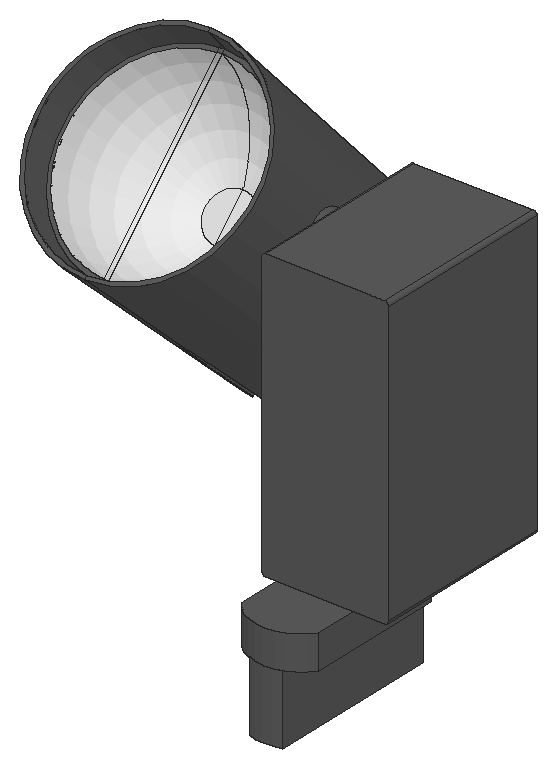
Revit family "0004886 Feilo Sylvania Lighting Fixture START TRACK SPOT S 24W 3K RA90 NB BLACK", category Lighting Fixtures, host Face, Revit 2017 (continued)
Definition of nested family "Start Track Spot Head"
  Types (96, lengths in mm): name | Wattage | built-in parameter 1150134 | Photometric Web File | Model | built-in parameter 1150105 | Lumens | built-in parameter 1150107 | built-in parameter 1150106 | HeadThickness_FEILO | HeadRibOffset_FEILO | HeadRibDepth_FEILO | HeadRibCutWidth_FEILO | HeadRibCutOffset_FEILO | HeadReflectorRadius_FEILO | HeadReflectorOffset_FEILO | HeadLEDRadius_FEILO | HeadHeight_FEILO | HeadDiffusorOffset_FEILO | HeadDiaOut_FEILO | HeadDiaIn_FEILO | HeadAxisFromTop_FEILO | Emit from Circle Diameter | built-in parameter 1150104 | Description | Apparent Load
    0004864 START TRACK SPOT S 24W 3K RA90 WB WHITE | 24 W | (empty or 0) | "0004864.ies" | "START TRACK SPOT S 24W 3K RA90 WB WHITE" | 152.79 (stored number, unit not read) | 1920 lm | 3000 (stored number, unit not read) | 1.5279 (stored number, unit not read) | 1.5 | 4.179 | 55.714 | 7.167 | 50.87 | 50.588 | 55.714 | 9.556 | 117 | 9.435 | 86 | 77.477 | 69.354 | 77.477 | 7.4322 (stored number, unit not read) | "Integrated LED spotlight, Textured White - RAL9016, compact and minimalist design, ideal for retail applications, die-cast aluminium body, passive cooling heatsink. Beam angle: 64°, color temperature: 3000K , total system power: 24W, total fixture output: 1928 lm, LOR: 100%, colour rendering: Ra: 90 typical, LED Chromaticity: 3 step MacAdam ellipse, lifetime: >50000 hours at L70B50, energy class: A++, A+, A, IR/UV free light source without heat radiation, operating voltage: 220-240V / 50-60Hz, drive current: 600mA, electronic driver, non-dimmable, power factor: 0.95, electrical protection: Class II, Global Track 3 Phase adapter suitable for Global trac 3-circuit tracks, ingress protection rating: IP20, suitable for internal environment only, horizontal rotation: 355°, vertical tilt: 90°, dimensions: Ø86x140x200, weight: 0.966kg." | 24 VA
    0004863 START TRACK SPOT S 24W 3K RA90 MB WHITE | 24 W | (empty or 0) | "0004863.ies" | "START TRACK SPOT S 24W 3K RA90 MB WHITE" | 154.7 (stored number, unit not read) | 1944 lm | 3000 (stored number, unit not read) | 1.547 (stored number, unit not read) | 1.5 | 4.179 | 55.714 | 7.167 | 50.87 | 50.588 | 55.714 | 9.556 | 117 | 9.435 | 86 | 77.477 | 69.354 | 77.477 | 7.5251 (stored number, unit not read) | "Integrated LED spotlight, Textured White - RAL9016, compact and minimalist design, ideal for retail applications, die-cast aluminium body, passive cooling heatsink. Beam angle: 36°, color temperature: 3000K , total system power: 24W, total fixture output: 1944 lm, LOR: 100%, colour rendering: Ra: 90 typical, LED Chromaticity: 3 step MacAdam ellipse, lifetime: >50000 hours at L70B50, energy class: A++, A+, A, IR/UV free light source without heat radiation, operating voltage: 220-240V / 50-60Hz, drive current: 600mA, electronic driver, non-dimmable, power factor: 0.95, electrical protection: Class II, Global Track 3 Phase adapter suitable for Global trac 3-circuit tracks, ingress protection rating: IP20, suitable for internal environment only, horizontal rotation: 355°, vertical tilt: 90°, dimensions: Ø86x140x200, weight: 0.966kg." | 24 VA
    0004862 START TRACK SPOT S 24W 3K RA90 NB WHITE | 24 W | (empty or 0) | "0004862.ies" | "START TRACK SPOT S 24W 3K RA90 NB WHITE" | 158.52 (stored number, unit not read) | 1992 lm | 3000 (stored number, unit not read) | 1.5852 (stored number, unit not read) | 1.5 | 4.179 | 55.714 | 7.167 | 50.87 | 50.588 | 55.714 | 9.556 | 117 | 9.435 | 86 | 77.477 | 69.354 | 77.477 | 7.711 (stored number, unit not read) | "Integrated LED spotlight, Textured White - RAL9016, compact and minimalist design, ideal for retail applications, die-cast aluminium body, passive cooling heatsink. Beam angle: 12°, color temperature: 3000K , total system power: 24W, total fixture output: 1987 lm, LOR: 100%, colour rendering: Ra: 90 typical, LED Chromaticity: 3 step MacAdam ellipse, lifetime: >50000 hours at L70B50, energy class: A++, A+, A, IR/UV free light source without heat radiation, operating voltage: 220-240V / 50-60Hz, drive current: 600mA, electronic driver, non-dimmable, power factor: 0.95, electrical protection: Class II, Global Track 3 Phase adapter suitable for Global trac 3-circuit tracks, ingress protection rating: IP20, suitable for internal environment only, horizontal rotation: 355°, vertical tilt: 90°, dimensions: Ø86x140x200, weight: 0.966kg." | 24 VA
    0004861 START TRACK SPOT S 14W 3K RA90 WB WHITE | 14 W | (empty or 0) | "0004861.ies" | "START TRACK SPOT S 14W 3K RA90 WB WHITE" | 100.27 (stored number, unit not read) | 1260 lm | 3000 (stored number, unit not read) | 1.0027 (stored number, unit not read) | 1.5 | 4.179 | 55.714 | 7.167 | 50.87 | 50.588 | 55.714 | 9.556 | 117 | 9.435 | 86 | 77.477 | 69.354 | 77.477 | 8.3613 (stored number, unit not read) | "Integrated LED spotlight, Textured White - RAL9016, compact and minimalist design, ideal for retail applications, die-cast aluminium body, passive cooling heatsink. Beam angle: 64°, color temperature: 3000K , total system power: 14W, total fixture output: 1262 lm, LOR: 100%, colour rendering: Ra: 90 typical, LED Chromaticity: 3 step MacAdam ellipse, lifetime: >50000 hours at L70B50, energy class: A++, A+, A, IR/UV free light source without heat radiation, operating voltage: 220-240V / 50-60Hz, drive current: 350mA, electronic driver, non-dimmable, power factor: 0.92, electrical protection: Class II, Global Track 3 Phase adapter suitable for Global trac 3-circuit tracks, ingress protection rating: IP20, suitable for internal environment only, horizontal rotation: 355°, vertical tilt: 90°, dimensions: Ø86x140x200, weight: 0.940kg." | 14 VA
    0004860 START TRACK SPOT S 14W 3K RA90 MB WHITE | 14 W | (empty or 0) | "0004860.ies" | "START TRACK SPOT S 14W 3K RA90 MB WHITE" | 100.27 (stored number, unit not read) | 1260 lm | 3000 (stored number, unit not read) | 1.0027 (stored number, unit not read) | 1.5 | 4.179 | 55.714 | 7.167 | 50.87 | 50.588 | 55.714 | 9.556 | 117 | 9.435 | 86 | 77.477 | 69.354 | 77.477 | 8.3613 (stored number, unit not read) | "Integrated LED spotlight, Textured White - RAL9016, compact and minimalist design, ideal for retail applications, die-cast aluminium body, passive cooling heatsink. Beam angle: 36°, color temperature: 3000K , total system power: 14W, total fixture output: 1262 lm, LOR: 100%, colour rendering: Ra: 90 typical, LED Chromaticity: 3 step MacAdam ellipse, lifetime: >50000 hours at L70B50, energy class: A++, A+, A, IR/UV free light source without heat radiation, operating voltage: 220-240V / 50-60Hz, drive current: 350mA, electronic driver, non-dimmable, power factor: 0.92, electrical protection: Class II, Global Track 3 Phase adapter suitable for Global trac 3-circuit tracks, ingress protection rating: IP20, suitable for internal environment only, horizontal rotation: 355°, vertical tilt: 90°, dimensions: Ø86x140x200, weight: 0.940kg." | 14 VA
    0004859 START TRACK SPOT S 14W 3K RA90 NB WHITE | 14 W | (empty or 0) | "0004859.ies" | "START TRACK SPOT S 14W 3K RA90 NB WHITE" | 102.5 (stored number, unit not read) | 1288 lm | 3000 (stored number, unit not read) | 1.025 (stored number, unit not read) | 1.5 | 4.179 | 55.714 | 7.167 | 50.87 | 50.588 | 55.714 | 9.556 | 117 | 9.435 | 86 | 77.477 | 69.354 | 77.477 | 8.5471 (stored number, unit not read) | "Integrated LED spotlight, Textured White - RAL9016, compact and minimalist design, ideal for retail applications, die-cast aluminium body, passive cooling heatsink. Beam angle: 12°, color temperature: 3000K , total system power: 14W, total fixture output: 1284 lm, LOR: 100%, colour rendering: Ra: 90 typical, LED Chromaticity: 3 step MacAdam ellipse, lifetime: >50000 hours at L70B50, energy class: A++, A+, A, IR/UV free light source without heat radiation, operating voltage: 220-240V / 50-60Hz, drive current: 350mA, electronic driver, non-dimmable, power factor: 0.92, electrical protection: Class II, Global Track 3 Phase adapter suitable for Global trac 3-circuit tracks, ingress protection rating: IP20, suitable for internal environment only, horizontal rotation: 355°, vertical tilt: 90°, dimensions: Ø86x140x200, weight: 0.940kg." | 14 VA
    0004858 START TRACK SPOT L 55W 4K RA80 WB BLACK | 55 W | 12 | "0004858.ies" | "START TRACK SPOT L 55W 4K RA80 WB BLACK" | 424.55 (stored number, unit not read) | 5335 lm | 4000 (stored number, unit not read) | 4.2455 (stored number, unit not read) | 2 | 4.429 | 59.048 | 9.417 | 53.913 | 66.471 | 59.048 | 12.556 | 124 | 10 | 113 | 101.802 | 73.503 | 101.802 | 9.0116 (stored number, unit not read) | "Integrated LED spotlight, Textured Black - RAL9005, compact and minimalist design, ideal for retail applications, die-cast aluminium body, passive cooling heatsink. Beam angle: 52°, color temperature: 4000K , total system power: 55W, total fixture output: 5320 lm, LOR: 100%, colour rendering: Ra: 80 typical, LED Chromaticity: 3 step MacAdam ellipse, lifetime: >50000 hours at L70B50, energy class: A++, A+, A, IR/UV free light source without heat radiation, operating voltage: 220-240V / 50-60Hz, drive current: 1400mA, electronic driver, non-dimmable, power factor: 0.96, electrical protection: Class II, Global Track 3 Phase adapter suitable for Global trac 3-circuit tracks, ingress protection rating: IP20, suitable for internal environment only, horizontal rotation: 355°, vertical tilt: 90°, dimensions: Ø113x164x240, weight: 1.398kg." | 55 VA
    0004857 START TRACK SPOT L 55W 4K RA80 MB BLACK | 55 W | 12 | "0004857.ies" | "START TRACK SPOT L 55W 4K RA80 MB BLACK" | 428.92 (stored number, unit not read) | 5390 lm | 4000 (stored number, unit not read) | 4.2892 (stored number, unit not read) | 2 | 4.429 | 59.048 | 9.417 | 53.913 | 66.471 | 59.048 | 12.556 | 124 | 10 | 113 | 101.802 | 73.503 | 101.802 | 9.1045 (stored number, unit not read) | "Integrated LED spotlight, Textured Black - RAL9005, compact and minimalist design, ideal for retail applications, die-cast aluminium body, passive cooling heatsink. Beam angle: 38°, color temperature: 4000K , total system power: 55W, total fixture output: 5378 lm, LOR: 100%, colour rendering: Ra: 80 typical, LED Chromaticity: 3 step MacAdam ellipse, lifetime: >50000 hours at L70B50, energy class: A++, A+, A, IR/UV free light source without heat radiation, operating voltage: 220-240V / 50-60Hz, drive current: 1400mA, electronic driver, non-dimmable, power factor: 0.96, electrical protection: Class II, Global Track 3 Phase adapter suitable for Global trac 3-circuit tracks, ingress protection rating: IP20, suitable for internal environment only, horizontal rotation: 355°, vertical tilt: 90°, dimensions: Ø113x164x240, weight: 1.398kg." | 55 VA
    0004856 START TRACK SPOT L 55W 4K RA80 NB BLACK | 55 W | 12 | "0004856.ies" | "START TRACK SPOT L 55W 4K RA80 NB BLACK" | 433.3 (stored number, unit not read) | 5445 lm | 4000 (stored number, unit not read) | 4.333 (stored number, unit not read) | 2 | 4.429 | 59.048 | 9.417 | 53.913 | 66.471 | 59.048 | 12.556 | 124 | 10 | 113 | 101.802 | 73.503 | 101.802 | 9.1974 (stored number, unit not read) | "Integrated LED spotlight, Textured Black - RAL9005, compact and minimalist design, ideal for retail applications, die-cast aluminium body, passive cooling heatsink. Beam angle: 15°, color temperature: 4000K , total system power: 55W, total fixture output: 5426 lm, LOR: 100%, colour rendering: Ra: 80 typical, LED Chromaticity: 3 step MacAdam ellipse, lifetime: >50000 hours at L70B50, energy class: A++, A+, A, IR/UV free light source without heat radiation, operating voltage: 220-240V / 50-60Hz, drive current: 1400mA, electronic driver, non-dimmable, power factor: 0.96, electrical protection: Class II, Global Track 3 Phase adapter suitable for Global trac 3-circuit tracks, ingress protection rating: IP20, suitable for internal environment only, horizontal rotation: 355°, vertical tilt: 90°, dimensions: Ø113x164x240, weight: 1.398kg." | 55 VA
    0004855 START TRACK SPOT L 35W 4K RA80 WB BLACK | 35 W | 12 | "0004855.ies" | "START TRACK SPOT L 35W 4K RA80 WB BLACK" | 320.3 (stored number, unit not read) | 4025 lm | 4000 (stored number, unit not read) | 3.203 (stored number, unit not read) | 2 | 4.429 | 59.048 | 9.417 | 53.913 | 66.471 | 59.048 | 12.556 | 124 | 10 | 113 | 101.802 | 73.503 | 101.802 | 10.684 (stored number, unit not read) | "Integrated LED spotlight, Textured Black - RAL9005, compact and minimalist design, ideal for retail applications, die-cast aluminium body, passive cooling heatsink. Beam angle: 52°, color temperature: 4000K , total system power: 35W, total fixture output: 4010 lm, LOR: 100%, colour rendering: Ra: 80 typical, LED Chromaticity: 3 step MacAdam ellipse, lifetime: >50000 hours at L70B50, energy class: A++, A+, A, IR/UV free light source without heat radiation, operating voltage: 220-240V / 50-60Hz, drive current: 900mA, electronic driver, non-dimmable, power factor: 0.93, electrical protection: Class II, Global Track 3 Phase adapter suitable for Global trac 3-circuit tracks, ingress protection rating: IP20, suitable for internal environment only, horizontal rotation: 355°, vertical tilt: 90°, dimensions: Ø113x164x240, weight: 1.368kg." | 35 VA
    0004854 START TRACK SPOT L 35W 4K RA80 MB BLACK | 35 W | 12 | "0004854.ies" | "START TRACK SPOT L 35W 4K RA80 MB BLACK" | 320.3 (stored number, unit not read) | 4025 lm | 4000 (stored number, unit not read) | 3.203 (stored number, unit not read) | 2 | 4.429 | 59.048 | 9.417 | 53.913 | 66.471 | 59.048 | 12.556 | 124 | 10 | 113 | 101.802 | 73.503 | 101.802 | 10.684 (stored number, unit not read) | "Integrated LED spotlight, Textured Black - RAL9005, compact and minimalist design, ideal for retail applications, die-cast aluminium body, passive cooling heatsink. Beam angle: 38°, color temperature: 4000K , total system power: 35W, total fixture output: 4017 lm, LOR: 100%, colour rendering: Ra: 80 typical, LED Chromaticity: 3 step MacAdam ellipse, lifetime: >50000 hours at L70B50, energy class: A++, A+, A, IR/UV free light source without heat radiation, operating voltage: 220-240V / 50-60Hz, drive current: 900mA, electronic driver, non-dimmable, power factor: 0.93, electrical protection: Class II, Global Track 3 Phase adapter suitable for Global trac 3-circuit tracks, ingress protection rating: IP20, suitable for internal environment only, horizontal rotation: 355°, vertical tilt: 90°, dimensions: Ø113x164x240, weight: 1.368kg." | 35 VA
    0004853 START TRACK SPOT L 35W 4K RA80 NB BLACK | 35 W | 12 | "0004853.ies" | "START TRACK SPOT L 35W 4K RA80 NB BLACK" | 331.44 (stored number, unit not read) | 4165 lm | 4000 (stored number, unit not read) | 3.3144 (stored number, unit not read) | 2 | 4.429 | 59.048 | 9.417 | 53.913 | 66.471 | 59.048 | 12.556 | 124 | 10 | 113 | 101.802 | 73.503 | 101.802 | 11.055 (stored number, unit not read) | "Integrated LED spotlight, Textured Black - RAL9005, compact and minimalist design, ideal for retail applications, die-cast aluminium body, passive cooling heatsink. Beam angle: 15°, color temperature: 4000K , total system power: 35W, total fixture output: 4174 lm, LOR: 100%, colour rendering: Ra: 80 typical, LED Chromaticity: 3 step MacAdam ellipse, lifetime: >50000 hours at L70B50, energy class: A++, A+, A, IR/UV free light source without heat radiation, operating voltage: 220-240V / 50-60Hz, drive current: 900mA, electronic driver, non-dimmable, power factor: 0.93, electrical protection: Class II, Global Track 3 Phase adapter suitable for Global trac 3-circuit tracks, ingress protection rating: IP20, suitable for internal environment only, horizontal rotation: 355°, vertical tilt: 90°, dimensions: Ø113x164x240, weight: 1.368kg." | 35 VA
    0004852 START TRACK SPOT S 24W 4K RA80 WB BLACK | 24 W | 12 | "0004852.ies" | "START TRACK SPOT S 24W 4K RA80 WB BLACK" | 196.72 (stored number, unit not read) | 2472 lm | 4000 (stored number, unit not read) | 1.9672 (stored number, unit not read) | 1.5 | 4.179 | 55.714 | 7.167 | 50.87 | 50.588 | 55.714 | 9.556 | 117 | 9.435 | 86 | 77.477 | 69.354 | 77.477 | 9.569 (stored number, unit not read) | "Integrated LED spotlight, Textured Black - RAL9005, compact and minimalist design, ideal for retail applications, die-cast aluminium body, passive cooling heatsink. Beam angle: 64°, color temperature: 4000K , total system power: 24W, total fixture output: 2476 lm, LOR: 100%, colour rendering: Ra: 80 typical, LED Chromaticity: 3 step MacAdam ellipse, lifetime: >50000 hours at L70B50, energy class: A++, A+, A, IR/UV free light source without heat radiation, operating voltage: 220-240V / 50-60Hz, drive current: 600mA, electronic driver, non-dimmable, power factor: 0.95, electrical protection: Class II, Global Track 3 Phase adapter suitable for Global trac 3-circuit tracks, ingress protection rating: IP20, suitable for internal environment only, horizontal rotation: 355°, vertical tilt: 90°, dimensions: Ø86x140x200, weight: 0.966kg." | 24 VA
    0004851 START TRACK SPOT S 24W 4K RA80 MB BLACK | 24 W | 12 | "0004851.ies" | "START TRACK SPOT S 24W 4K RA80 MB BLACK" | 198.63 (stored number, unit not read) | 2496 lm | 4000 (stored number, unit not read) | 1.9863 (stored number, unit not read) | 1.5 | 4.179 | 55.714 | 7.167 | 50.87 | 50.588 | 55.714 | 9.556 | 117 | 9.435 | 86 | 77.477 | 69.354 | 77.477 | 9.6619 (stored number, unit not read) | "Integrated LED spotlight, Textured Black - RAL9005, compact and minimalist design, ideal for retail applications, die-cast aluminium body, passive cooling heatsink. Beam angle: 36°, color temperature: 4000K , total system power: 24W, total fixture output: 2487 lm, LOR: 100%, colour rendering: Ra: 80 typical, LED Chromaticity: 3 step MacAdam ellipse, lifetime: >50000 hours at L70B50, energy class: A++, A+, A, IR/UV free light source without heat radiation, operating voltage: 220-240V / 50-60Hz, drive current: 600mA, electronic driver, non-dimmable, power factor: 0.95, electrical protection: Class II, Global Track 3 Phase adapter suitable for Global trac 3-circuit tracks, ingress protection rating: IP20, suitable for internal environment only, horizontal rotation: 355°, vertical tilt: 90°, dimensions: Ø86x140x200, weight: 0.966kg." | 24 VA
    0004850 START TRACK SPOT S 24W 4K RA80 NB BLACK | 24 W | 12 | "0004850.ies" | "START TRACK SPOT S 24W 4K RA80 NB BLACK" | 200.54 (stored number, unit not read) | 2520 lm | 4000 (stored number, unit not read) | 2.0054 (stored number, unit not read) | 1.5 | 4.179 | 55.714 | 7.167 | 50.87 | 50.588 | 55.714 | 9.556 | 117 | 9.435 | 86 | 77.477 | 69.354 | 77.477 | 9.7548 (stored number, unit not read) | "Integrated LED spotlight, Textured Black - RAL9005, compact and minimalist design, ideal for retail applications, die-cast aluminium body, passive cooling heatsink. Beam angle: 12°, color temperature: 4000K , total system power: 24W, total fixture output: 2529 lm, LOR: 100%, colour rendering: Ra: 80 typical, LED Chromaticity: 3 step MacAdam ellipse, lifetime: >50000 hours at L70B50, energy class: A++, A+, A, IR/UV free light source without heat radiation, operating voltage: 220-240V / 50-60Hz, drive current: 600mA, electronic driver, non-dimmable, power factor: 0.95, electrical protection: Class II, Global Track 3 Phase adapter suitable for Global trac 3-circuit tracks, ingress protection rating: IP20, suitable for internal environment only, horizontal rotation: 355°, vertical tilt: 90°, dimensions: Ø86x140x200, weight: 0.966kg." | 24 VA
    0004849 START TRACK SPOT S 14W 4K RA80 WB BLACK | 14 W | 12 | "0004849.ies" | "START TRACK SPOT S 14W 4K RA80 WB BLACK" | 123.66 (stored number, unit not read) | 1554 lm | 4000 (stored number, unit not read) | 1.2366 (stored number, unit not read) | 1.5 | 4.179 | 55.714 | 7.167 | 50.87 | 50.588 | 55.714 | 9.556 | 117 | 9.435 | 86 | 77.477 | 69.354 | 77.477 | 10.312 (stored number, unit not read) | "Integrated LED spotlight, Textured Black - RAL9005, compact and minimalist design, ideal for retail applications, die-cast aluminium body, passive cooling heatsink. Beam angle: 64°, color temperature: 4000K , total system power: 14W, total fixture output: 1558 lm, LOR: 100%, colour rendering: Ra: 80 typical, LED Chromaticity: 3 step MacAdam ellipse, lifetime: >50000 hours at L70B50, energy class: A++, A+, A, IR/UV free light source without heat radiation, operating voltage: 220-240V / 50-60Hz, drive current: 350mA, electronic driver, non-dimmable, power factor: 0.92, electrical protection: Class II, Global Track 3 Phase adapter suitable for Global trac 3-circuit tracks, ingress protection rating: IP20, suitable for internal environment only, horizontal rotation: 355°, vertical tilt: 90°, dimensions: Ø86x140x200, weight: 0.940kg." | 14 VA
    0004848 START TRACK SPOT S 14W 4K RA80 MB BLACK | 14 W | 12 | "0004848.ies" | "START TRACK SPOT S 14W 4K RA80 MB BLACK" | 127.01 (stored number, unit not read) | 1596 lm | 4000 (stored number, unit not read) | 1.2701 (stored number, unit not read) | 1.5 | 4.179 | 55.714 | 7.167 | 50.87 | 50.588 | 55.714 | 9.556 | 117 | 9.435 | 86 | 77.477 | 69.354 | 77.477 | 10.591 (stored number, unit not read) | "Integrated LED spotlight, Textured Black - RAL9005, compact and minimalist design, ideal for retail applications, die-cast aluminium body, passive cooling heatsink. Beam angle: 36°, color temperature: 4000K , total system power: 14W, total fixture output: 1598 lm, LOR: 100%, colour rendering: Ra: 80 typical, LED Chromaticity: 3 step MacAdam ellipse, lifetime: >50000 hours at L70B50, energy class: A++, A+, A, IR/UV free light source without heat radiation, operating voltage: 220-240V / 50-60Hz, drive current: 350mA, electronic driver, non-dimmable, power factor: 0.92, electrical protection: Class II, Global Track 3 Phase adapter suitable for Global trac 3-circuit tracks, ingress protection rating: IP20, suitable for internal environment only, horizontal rotation: 355°, vertical tilt: 90°, dimensions: Ø86x140x200, weight: 0.940kg." | 14 VA
    0004847 START TRACK SPOT S 14W 4K RA80 NB BLACK | 14 W | 12 | "0004847.ies" | "START TRACK SPOT S 14W 4K RA80 NB BLACK" | 128.12 (stored number, unit not read) | 1610 lm | 4000 (stored number, unit not read) | 1.2812 (stored number, unit not read) | 1.5 | 4.179 | 55.714 | 7.167 | 50.87 | 50.588 | 55.714 | 9.556 | 117 | 9.435 | 86 | 77.477 | 69.354 | 77.477 | 10.684 (stored number, unit not read) | "Integrated LED spotlight, Textured Black - RAL9005, compact and minimalist design, ideal for retail applications, die-cast aluminium body, passive cooling heatsink. Beam angle: 12°, color temperature: 4000K , total system power: 14W, total fixture output: 1608 lm, LOR: 100%, colour rendering: Ra: 80 typical, LED Chromaticity: 3 step MacAdam ellipse, lifetime: >50000 hours at L70B50, energy class: A++, A+, A, IR/UV free light source without heat radiation, operating voltage: 220-240V / 50-60Hz, drive current: 350mA, electronic driver, non-dimmable, power factor: 0.92, electrical protection: Class II, Global Track 3 Phase adapter suitable for Global trac 3-circuit tracks, ingress protection rating: IP20, suitable for internal environment only, horizontal rotation: 355°, vertical tilt: 90°, dimensions: Ø86x140x200, weight: 0.940kg." | 14 VA
    0004846 START TRACK SPOT L 55W 3K RA80 WB BLACK | 55 W | (empty or 0) | "0004846.ies" | "START TRACK SPOT L 55W 3K RA80 WB BLACK" | 420.17 (stored number, unit not read) | 5280 lm | 3000 (stored number, unit not read) | 4.2017 (stored number, unit not read) | 2 | 4.429 | 59.048 | 9.417 | 53.913 | 66.471 | 59.048 | 12.556 | 124 | 10 | 113 | 101.802 | 73.503 | 101.802 | 8.9187 (stored number, unit not read) | "Integrated LED spotlight, Textured Black - RAL9005, compact and minimalist design, ideal for retail applications, die-cast aluminium body, passive cooling heatsink. Beam angle: 52°, color temperature: 3000K , total system power: 55W, total fixture output: 5298 lm, LOR: 100%, colour rendering: Ra: 80 typical, LED Chromaticity: 3 step MacAdam ellipse, lifetime: >50000 hours at L70B50, energy class: A++, A+, A, IR/UV free light source without heat radiation, operating voltage: 220-240V / 50-60Hz, drive current: 1400mA, electronic driver, non-dimmable, power factor: 0.96, electrical protection: Class II, Global Track 3 Phase adapter suitable for Global trac 3-circuit tracks, ingress protection rating: IP20, suitable for internal environment only, horizontal rotation: 355°, vertical tilt: 90°, dimensions: Ø113x164x240, weight: 1.398kg." | 55 VA
    0004845 START TRACK SPOT L 55W 3K RA80 MB BLACK | 55 W | (empty or 0) | "0004845.ies" | "START TRACK SPOT L 55W 3K RA80 MB BLACK" | 428.92 (stored number, unit not read) | 5390 lm | 3000 (stored number, unit not read) | 4.2892 (stored number, unit not read) | 2 | 4.429 | 59.048 | 9.417 | 53.913 | 66.471 | 59.048 | 12.556 | 124 | 10 | 113 | 101.802 | 73.503 | 101.802 | 9.1045 (stored number, unit not read) | "Integrated LED spotlight, Textured Black - RAL9005, compact and minimalist design, ideal for retail applications, die-cast aluminium body, passive cooling heatsink. Beam angle: 38°, color temperature: 3000K , total system power: 55W, total fixture output: 5381 lm, LOR: 100%, colour rendering: Ra: 80 typical, LED Chromaticity: 3 step MacAdam ellipse, lifetime: >50000 hours at L70B50, energy class: A++, A+, A, IR/UV free light source without heat radiation, operating voltage: 220-240V / 50-60Hz, drive current: 1400mA, electronic driver, non-dimmable, power factor: 0.96, electrical protection: Class II, Global Track 3 Phase adapter suitable for Global trac 3-circuit tracks, ingress protection rating: IP20, suitable for internal environment only, horizontal rotation: 355°, vertical tilt: 90°, dimensions: Ø113x164x240, weight: 1.398kg." | 55 VA
    0004844 START TRACK SPOT L 55W 3K RA80 NB BLACK | 55 W | (empty or 0) | "0004844.ies" | "START TRACK SPOT L 55W 3K RA80 NB BLACK" | 433.3 (stored number, unit not read) | 5445 lm | 3000 (stored number, unit not read) | 4.333 (stored number, unit not read) | 2 | 4.429 | 59.048 | 9.417 | 53.913 | 66.471 | 59.048 | 12.556 | 124 | 10 | 113 | 101.802 | 73.503 | 101.802 | 9.1974 (stored number, unit not read) | "Integrated LED spotlight, Textured Black - RAL9005, compact and minimalist design, ideal for retail applications, die-cast aluminium body, passive cooling heatsink. Beam angle: 15°, color temperature: 3000K , total system power: 55W, total fixture output: 5449 lm, LOR: 100%, colour rendering: Ra: 80 typical, LED Chromaticity: 3 step MacAdam ellipse, lifetime: >50000 hours at L70B50, energy class: A++, A+, A, IR/UV free light source without heat radiation, operating voltage: 220-240V / 50-60Hz, drive current: 1400mA, electronic driver, non-dimmable, power factor: 0.96, electrical protection: Class II, Global Track 3 Phase adapter suitable for Global trac 3-circuit tracks, ingress protection rating: IP20, suitable for internal environment only, horizontal rotation: 355°, vertical tilt: 90°, dimensions: Ø113x164x240, weight: 1.398kg." | 55 VA
    0004843 START TRACK SPOT L 35W 3K RA80 WB BLACK | 35 W | (empty or 0) | "0004843.ies" | "START TRACK SPOT L 35W 3K RA80 WB BLACK" | 314.73 (stored number, unit not read) | 3955 lm | 3000 (stored number, unit not read) | 3.1473 (stored number, unit not read) | 2 | 4.429 | 59.048 | 9.417 | 53.913 | 66.471 | 59.048 | 12.556 | 124 | 10 | 113 | 101.802 | 73.503 | 101.802 | 10.498 (stored number, unit not read) | "Integrated LED spotlight, Textured Black - RAL9005, compact and minimalist design, ideal for retail applications, die-cast aluminium body, passive cooling heatsink. Beam angle: 52°, color temperature: 3000K , total system power: 35W, total fixture output: 3943 lm, LOR: 100%, colour rendering: Ra: 80 typical, LED Chromaticity: 3 step MacAdam ellipse, lifetime: >50000 hours at L70B50, energy class: A++, A+, A, IR/UV free light source without heat radiation, operating voltage: 220-240V / 50-60Hz, drive current: 900mA, electronic driver, non-dimmable, power factor: 0.93, electrical protection: Class II, Global Track 3 Phase adapter suitable for Global trac 3-circuit tracks, ingress protection rating: IP20, suitable for internal environment only, horizontal rotation: 355°, vertical tilt: 90°, dimensions: Ø113x164x240, weight: 1.368kg." | 35 VA
    0004842 START TRACK SPOT L 35W 3K RA80 MB BLACK | 35 W | (empty or 0) | "0004842.ies" | "START TRACK SPOT L 35W 3K RA80 MB BLACK" | 320.3 (stored number, unit not read) | 4025 lm | 3000 (stored number, unit not read) | 3.203 (stored number, unit not read) | 2 | 4.429 | 59.048 | 9.417 | 53.913 | 66.471 | 59.048 | 12.556 | 124 | 10 | 113 | 101.802 | 73.503 | 101.802 | 10.684 (stored number, unit not read) | "Integrated LED spotlight, Textured Black - RAL9005, compact and minimalist design, ideal for retail applications, die-cast aluminium body, passive cooling heatsink. Beam angle: 38°, color temperature: 3000K , total system power: 35W, total fixture output: 4008 lm, LOR: 100%, colour rendering: Ra: 80 typical, LED Chromaticity: 3 step MacAdam ellipse, lifetime: >50000 hours at L70B50, energy class: A++, A+, A, IR/UV free light source without heat radiation, operating voltage: 220-240V / 50-60Hz, drive current: 900mA, electronic driver, non-dimmable, power factor: 0.93, electrical protection: Class II, Global Track 3 Phase adapter suitable for Global trac 3-circuit tracks, ingress protection rating: IP20, suitable for internal environment only, horizontal rotation: 355°, vertical tilt: 90°, dimensions: Ø113x164x240, weight: 1.368kg." | 35 VA
    0004841 START TRACK SPOT L 35W 3K RA80 NB BLACK | 35 W | (empty or 0) | "0004841.ies" | "START TRACK SPOT L 35W 3K RA80 NB BLACK" | 317.51 (stored number, unit not read) | 3990 lm | 3000 (stored number, unit not read) | 3.1751 (stored number, unit not read) | 2 | 4.429 | 59.048 | 9.417 | 53.913 | 66.471 | 59.048 | 12.556 | 124 | 10 | 113 | 101.802 | 73.503 | 101.802 | 10.591 (stored number, unit not read) | "Integrated LED spotlight, Textured Black - RAL9005, compact and minimalist design, ideal for retail applications, die-cast aluminium body, passive cooling heatsink. Beam angle: 15°, color temperature: 3000K , total system power: 35W, total fixture output: 4005 lm, LOR: 100%, colour rendering: Ra: 80 typical, LED Chromaticity: 3 step MacAdam ellipse, lifetime: >50000 hours at L70B50, energy class: A++, A+, A, IR/UV free light source without heat radiation, operating voltage: 220-240V / 50-60Hz, drive current: 900mA, electronic driver, non-dimmable, power factor: 0.93, electrical protection: Class II, Global Track 3 Phase adapter suitable for Global trac 3-circuit tracks, ingress protection rating: IP20, suitable for internal environment only, horizontal rotation: 355°, vertical tilt: 90°, dimensions: Ø113x164x240, weight: 1.368kg." | 35 VA
    0004840 START TRACK SPOT S 24W 3K RA80 WB BLACK | 24 W | (empty or 0) | "0004840.ies" | "START TRACK SPOT S 24W 3K RA80 WB BLACK" | 185.26 (stored number, unit not read) | 2328 lm | 3000 (stored number, unit not read) | 1.8526 (stored number, unit not read) | 1.5 | 4.179 | 55.714 | 7.167 | 50.87 | 50.588 | 55.714 | 9.556 | 117 | 9.435 | 86 | 77.477 | 69.354 | 77.477 | 9.0116 (stored number, unit not read) | "Integrated LED spotlight, Textured Black - RAL9005, compact and minimalist design, ideal for retail applications, die-cast aluminium body, passive cooling heatsink. Beam angle: 64°, color temperature: 3000K , total system power: 24W, total fixture output: 2318 lm, LOR: 100%, colour rendering: Ra: 80 typical, LED Chromaticity: 3 step MacAdam ellipse, lifetime: >50000 hours at L70B50, energy class: A++, A+, A, IR/UV free light source without heat radiation, operating voltage: 220-240V / 50-60Hz, drive current: 600mA, electronic driver, non-dimmable, power factor: 0.95, electrical protection: Class II, Global Track 3 Phase adapter suitable for Global trac 3-circuit tracks, ingress protection rating: IP20, suitable for internal environment only, horizontal rotation: 355°, vertical tilt: 90°, dimensions: Ø86x140x200, weight: 0.966kg." | 24 VA
    0004839 START TRACK SPOT S 24W 3K RA80 MB BLACK | 24 W | (empty or 0) | "0004839.ies" | "START TRACK SPOT S 24W 3K RA80 MB BLACK" | 183.35 (stored number, unit not read) | 2304 lm | 3000 (stored number, unit not read) | 1.8335 (stored number, unit not read) | 1.5 | 4.179 | 55.714 | 7.167 | 50.87 | 50.588 | 55.714 | 9.556 | 117 | 9.435 | 86 | 77.477 | 69.354 | 77.477 | 8.9187 (stored number, unit not read) | "Integrated LED spotlight, Textured Black - RAL9005, compact and minimalist design, ideal for retail applications, die-cast aluminium body, passive cooling heatsink. Beam angle: 36°, color temperature: 3000K , total system power: 24W, total fixture output: 2314 lm, LOR: 100%, colour rendering: Ra: 80 typical, LED Chromaticity: 3 step MacAdam ellipse, lifetime: >50000 hours at L70B50, energy class: A++, A+, A, IR/UV free light source without heat radiation, operating voltage: 220-240V / 50-60Hz, drive current: 600mA, electronic driver, non-dimmable, power factor: 0.95, electrical protection: Class II, Global Track 3 Phase adapter suitable for Global trac 3-circuit tracks, ingress protection rating: IP20, suitable for internal environment only, horizontal rotation: 355°, vertical tilt: 90°, dimensions: Ø86x140x200, weight: 0.966kg." | 24 VA
    0004838 START TRACK SPOT S 24W 3K RA80 NB BLACK | 24 W | (empty or 0) | "0004838.ies" | "START TRACK SPOT S 24W 3K RA80 NB BLACK" | 185.26 (stored number, unit not read) | 2328 lm | 3000 (stored number, unit not read) | 1.8526 (stored number, unit not read) | 1.5 | 4.179 | 55.714 | 7.167 | 50.87 | 50.588 | 55.714 | 9.556 | 117 | 9.435 | 86 | 77.477 | 69.354 | 77.477 | 9.0116 (stored number, unit not read) | "Integrated LED spotlight, Textured Black - RAL9005, compact and minimalist design, ideal for retail applications, die-cast aluminium body, passive cooling heatsink. Beam angle: 12°, color temperature: 3000K , total system power: 24W, total fixture output: 2334 lm, LOR: 100%, colour rendering: Ra: 80 typical, LED Chromaticity: 3 step MacAdam ellipse, lifetime: >50000 hours at L70B50, energy class: A++, A+, A, IR/UV free light source without heat radiation, operating voltage: 220-240V / 50-60Hz, drive current: 600mA, electronic driver, non-dimmable, power factor: 0.95, electrical protection: Class II, Global Track 3 Phase adapter suitable for Global trac 3-circuit tracks, ingress protection rating: IP20, suitable for internal environment only, horizontal rotation: 355°, vertical tilt: 90°, dimensions: Ø86x140x200, weight: 0.966kg." | 24 VA
    0004837 START TRACK SPOT S 14W 3K RA80 WB BLACK | 14 W | (empty or 0) | "0004837.ies" | "START TRACK SPOT S 14W 3K RA80 WB BLACK" | 119.21 (stored number, unit not read) | 1498 lm | 3000 (stored number, unit not read) | 1.1921 (stored number, unit not read) | 1.5 | 4.179 | 55.714 | 7.167 | 50.87 | 50.588 | 55.714 | 9.556 | 117 | 9.435 | 86 | 77.477 | 69.354 | 77.477 | 9.9406 (stored number, unit not read) | "Integrated LED spotlight, Textured Black - RAL9005, compact and minimalist design, ideal for retail applications, die-cast aluminium body, passive cooling heatsink. Beam angle: 64°, color temperature: 3000K , total system power: 14W, total fixture output: 1498 lm, LOR: 100%, colour rendering: Ra: 80 typical, LED Chromaticity: 3 step MacAdam ellipse, lifetime: >50000 hours at L70B50, energy class: A++, A+, A, IR/UV free light source without heat radiation, operating voltage: 220-240V / 50-60Hz, drive current: 350mA, electronic driver, non-dimmable, power factor: 0.92, electrical protection: Class II, Global Track 3 Phase adapter suitable for Global trac 3-circuit tracks, ingress protection rating: IP20, suitable for internal environment only, horizontal rotation: 355°, vertical tilt: 90°, dimensions: Ø86x140x200, weight: 0.940kg." | 14 VA
    0004836 START TRACK SPOT S 14W 3K RA80 MB BLACK | 14 W | (empty or 0) | "0004836.ies" | "START TRACK SPOT S 14W 3K RA80 MB BLACK" | 120.32 (stored number, unit not read) | 1512 lm | 3000 (stored number, unit not read) | 1.2032 (stored number, unit not read) | 1.5 | 4.179 | 55.714 | 7.167 | 50.87 | 50.588 | 55.714 | 9.556 | 117 | 9.435 | 86 | 77.477 | 69.354 | 77.477 | 10.034 (stored number, unit not read) | "Integrated LED spotlight, Textured Black - RAL9005, compact and minimalist design, ideal for retail applications, die-cast aluminium body, passive cooling heatsink. Beam angle: 36°, color temperature: 3000K , total system power: 14W, total fixture output: 1508 lm, LOR: 100%, colour rendering: Ra: 80 typical, LED Chromaticity: 3 step MacAdam ellipse, lifetime: >50000 hours at L70B50, energy class: A++, A+, A, IR/UV free light source without heat radiation, operating voltage: 220-240V / 50-60Hz, drive current: 350mA, electronic driver, non-dimmable, power factor: 0.92, electrical protection: Class II, Global Track 3 Phase adapter suitable for Global trac 3-circuit tracks, ingress protection rating: IP20, suitable for internal environment only, horizontal rotation: 355°, vertical tilt: 90°, dimensions: Ø86x140x200, weight: 0.940kg." | 14 VA
    0004835 START TRACK SPOT S 14W 3K RA80 NB BLACK | 14 W | (empty or 0) | "0004835.ies" | "START TRACK SPOT S 14W 3K RA80 NB BLACK" | 123.66 (stored number, unit not read) | 1554 lm | 3000 (stored number, unit not read) | 1.2366 (stored number, unit not read) | 1.5 | 4.179 | 55.714 | 7.167 | 50.87 | 50.588 | 55.714 | 9.556 | 117 | 9.435 | 86 | 77.477 | 69.354 | 77.477 | 10.312 (stored number, unit not read) | "Integrated LED spotlight, Textured Black - RAL9005, compact and minimalist design, ideal for retail applications, die-cast aluminium body, passive cooling heatsink. Beam angle: 12°, color temperature: 3000K , total system power: 14W, total fixture output: 1551 lm, LOR: 100%, colour rendering: Ra: 80 typical, LED Chromaticity: 3 step MacAdam ellipse, lifetime: >50000 hours at L70B50, energy class: A++, A+, A, IR/UV free light source without heat radiation, operating voltage: 220-240V / 50-60Hz, drive current: 350mA, electronic driver, non-dimmable, power factor: 0.92, electrical protection: Class II, Global Track 3 Phase adapter suitable for Global trac 3-circuit tracks, ingress protection rating: IP20, suitable for internal environment only, horizontal rotation: 355°, vertical tilt: 90°, dimensions: Ø86x140x200, weight: 0.940kg." | 14 VA
    0004834 START TRACK SPOT L 55W 4K RA80 WB WHITE | 55 W | 12 | "0004834.ies" | "START TRACK SPOT L 55W 4K RA80 WB WHITE" | 424.55 (stored number, unit not read) | 5335 lm | 4000 (stored number, unit not read) | 4.2455 (stored number, unit not read) | 2 | 4.429 | 59.048 | 9.417 | 53.913 | 66.471 | 59.048 | 12.556 | 124 | 10 | 113 | 101.802 | 73.503 | 101.802 | 9.0116 (stored number, unit not read) | "Integrated LED spotlight, Textured White - RAL9016, compact and minimalist design, ideal for retail applications, die-cast aluminium body, passive cooling heatsink. Beam angle: 52°, color temperature: 4000K , total system power: 55W, total fixture output: 5320 lm, LOR: 100%, colour rendering: Ra: 80 typical, LED Chromaticity: 3 step MacAdam ellipse, lifetime: >50000 hours at L70B50, energy class: A++, A+, A, IR/UV free light source without heat radiation, operating voltage: 220-240V / 50-60Hz, drive current: 1400mA, electronic driver, non-dimmable, power factor: 0.96, electrical protection: Class II, Global Track 3 Phase adapter suitable for Global trac 3-circuit tracks, ingress protection rating: IP20, suitable for internal environment only, horizontal rotation: 355°, vertical tilt: 90°, dimensions: Ø113x164x240, weight: 1.398kg." | 55 VA
    0004833 START TRACK SPOT L 55W 4K RA80 MB WHITE | 55 W | 12 | "0004833.ies" | "START TRACK SPOT L 55W 4K RA80 MB WHITE" | 428.92 (stored number, unit not read) | 5390 lm | 4000 (stored number, unit not read) | 4.2892 (stored number, unit not read) | 2 | 4.429 | 59.048 | 9.417 | 53.913 | 66.471 | 59.048 | 12.556 | 124 | 10 | 113 | 101.802 | 73.503 | 101.802 | 9.1045 (stored number, unit not read) | "Integrated LED spotlight, Textured White - RAL9016, compact and minimalist design, ideal for retail applications, die-cast aluminium body, passive cooling heatsink. Beam angle: 38°, color temperature: 4000K , total system power: 55W, total fixture output: 5378 lm, LOR: 100%, colour rendering: Ra: 80 typical, LED Chromaticity: 3 step MacAdam ellipse, lifetime: >50000 hours at L70B50, energy class: A++, A+, A, IR/UV free light source without heat radiation, operating voltage: 220-240V / 50-60Hz, drive current: 1400mA, electronic driver, non-dimmable, power factor: 0.96, electrical protection: Class II, Global Track 3 Phase adapter suitable for Global trac 3-circuit tracks, ingress protection rating: IP20, suitable for internal environment only, horizontal rotation: 355°, vertical tilt: 90°, dimensions: Ø113x164x240, weight: 1.398kg." | 55 VA
    0004832 START TRACK SPOT L 55W 4K RA80 NB WHITE | 55 W | 12 | "0004832.ies" | "START TRACK SPOT L 55W 4K RA80 NB WHITE" | 433.3 (stored number, unit not read) | 5445 lm | 4000 (stored number, unit not read) | 4.333 (stored number, unit not read) | 2 | 4.429 | 59.048 | 9.417 | 53.913 | 66.471 | 59.048 | 12.556 | 124 | 10 | 113 | 101.802 | 73.503 | 101.802 | 9.1974 (stored number, unit not read) | "Integrated LED spotlight, Textured White - RAL9016, compact and minimalist design, ideal for retail applications, die-cast aluminium body, passive cooling heatsink. Beam angle: 15°, color temperature: 4000K , total system power: 55W, total fixture output: 5426 lm, LOR: 100%, colour rendering: Ra: 80 typical, LED Chromaticity: 3 step MacAdam ellipse, lifetime: >50000 hours at L70B50, energy class: A++, A+, A, IR/UV free light source without heat radiation, operating voltage: 220-240V / 50-60Hz, drive current: 1400mA, electronic driver, non-dimmable, power factor: 0.96, electrical protection: Class II, Global Track 3 Phase adapter suitable for Global trac 3-circuit tracks, ingress protection rating: IP20, suitable for internal environment only, horizontal rotation: 355°, vertical tilt: 90°, dimensions: Ø113x164x240, weight: 1.398kg." | 55 VA
    0004831 START TRACK SPOT L 35W 4K RA80 WB WHITE | 35 W | 12 | "0004831.ies" | "START TRACK SPOT L 35W 4K RA80 WB WHITE" | 320.3 (stored number, unit not read) | 4025 lm | 4000 (stored number, unit not read) | 3.203 (stored number, unit not read) | 2 | 4.429 | 59.048 | 9.417 | 53.913 | 66.471 | 59.048 | 12.556 | 124 | 10 | 113 | 101.802 | 73.503 | 101.802 | 10.684 (stored number, unit not read) | "Integrated LED spotlight, Textured White - RAL9016, compact and minimalist design, ideal for retail applications, die-cast aluminium body, passive cooling heatsink. Beam angle: 52°, color temperature: 4000K , total system power: 35W, total fixture output: 4010 lm, LOR: 100%, colour rendering: Ra: 80 typical, LED Chromaticity: 3 step MacAdam ellipse, lifetime: >50000 hours at L70B50, energy class: A++, A+, A, IR/UV free light source without heat radiation, operating voltage: 220-240V / 50-60Hz, drive current: 900mA, electronic driver, non-dimmable, power factor: 0.93, electrical protection: Class II, Global Track 3 Phase adapter suitable for Global trac 3-circuit tracks, ingress protection rating: IP20, suitable for internal environment only, horizontal rotation: 355°, vertical tilt: 90°, dimensions: Ø113x164x240, weight: 1.368kg." | 35 VA
    0004830 START TRACK SPOT L 35W 4K RA80 MB WHITE | 35 W | 12 | "0004830.ies" | "START TRACK SPOT L 35W 4K RA80 MB WHITE" | 320.3 (stored number, unit not read) | 4025 lm | 4000 (stored number, unit not read) | 3.203 (stored number, unit not read) | 2 | 4.429 | 59.048 | 9.417 | 53.913 | 66.471 | 59.048 | 12.556 | 124 | 10 | 113 | 101.802 | 73.503 | 101.802 | 10.684 (stored number, unit not read) | "Integrated LED spotlight, Textured White - RAL9016, compact and minimalist design, ideal for retail applications, die-cast aluminium body, passive cooling heatsink. Beam angle: 38°, color temperature: 4000K , total system power: 35W, total fixture output: 4017 lm, LOR: 100%, colour rendering: Ra: 80 typical, LED Chromaticity: 3 step MacAdam ellipse, lifetime: >50000 hours at L70B50, energy class: A++, A+, A, IR/UV free light source without heat radiation, operating voltage: 220-240V / 50-60Hz, drive current: 900mA, electronic driver, non-dimmable, power factor: 0.93, electrical protection: Class II, Global Track 3 Phase adapter suitable for Global trac 3-circuit tracks, ingress protection rating: IP20, suitable for internal environment only, horizontal rotation: 355°, vertical tilt: 90°, dimensions: Ø113x164x240, weight: 1.368kg." | 35 VA
    0004829 START TRACK SPOT L 35W 4K RA80 NB WHITE | 35 W | 12 | "0004829.ies" | "START TRACK SPOT L 35W 4K RA80 NB WHITE" | 331.44 (stored number, unit not read) | 4165 lm | 4000 (stored number, unit not read) | 3.3144 (stored number, unit not read) | 2 | 4.429 | 59.048 | 9.417 | 53.913 | 66.471 | 59.048 | 12.556 | 124 | 10 | 113 | 101.802 | 73.503 | 101.802 | 11.055 (stored number, unit not read) | "Integrated LED spotlight, Textured White - RAL9016, compact and minimalist design, ideal for retail applications, die-cast aluminium body, passive cooling heatsink. Beam angle: 15°, color temperature: 4000K , total system power: 35W, total fixture output: 4174 lm, LOR: 100%, colour rendering: Ra: 80 typical, LED Chromaticity: 3 step MacAdam ellipse, lifetime: >50000 hours at L70B50, energy class: A++, A+, A, IR/UV free light source without heat radiation, operating voltage: 220-240V / 50-60Hz, drive current: 900mA, electronic driver, non-dimmable, power factor: 0.93, electrical protection: Class II, Global Track 3 Phase adapter suitable for Global trac 3-circuit tracks, ingress protection rating: IP20, suitable for internal environment only, horizontal rotation: 355°, vertical tilt: 90°, dimensions: Ø113x164x240, weight: 1.368kg." | 35 VA
    0004828 START TRACK SPOT S 24W 4K RA80 WB WHITE | 24 W | 12 | "0004828.ies" | "START TRACK SPOT S 24W 4K RA80 WB WHITE" | 196.72 (stored number, unit not read) | 2472 lm | 4000 (stored number, unit not read) | 1.9672 (stored number, unit not read) | 1.5 | 4.179 | 55.714 | 7.167 | 50.87 | 50.588 | 55.714 | 9.556 | 117 | 9.435 | 86 | 77.477 | 69.354 | 77.477 | 9.569 (stored number, unit not read) | "Integrated LED spotlight, Textured White - RAL9016, compact and minimalist design, ideal for retail applications, die-cast aluminium body, passive cooling heatsink. Beam angle: 64°, color temperature: 4000K , total system power: 24W, total fixture output: 2476 lm, LOR: 100%, colour rendering: Ra: 80 typical, LED Chromaticity: 3 step MacAdam ellipse, lifetime: >50000 hours at L70B50, energy class: A++, A+, A, IR/UV free light source without heat radiation, operating voltage: 220-240V / 50-60Hz, drive current: 600mA, electronic driver, non-dimmable, power factor: 0.95, electrical protection: Class II, Global Track 3 Phase adapter suitable for Global trac 3-circuit tracks, ingress protection rating: IP20, suitable for internal environment only, horizontal rotation: 355°, vertical tilt: 90°, dimensions: Ø86x140x200, weight: 0.966kg." | 24 VA
    0004827 START TRACK SPOT S 24W 4K RA80 MB WHITE | 24 W | 12 | "0004827.ies" | "START TRACK SPOT S 24W 4K RA80 MB WHITE" | 198.63 (stored number, unit not read) | 2496 lm | 4000 (stored number, unit not read) | 1.9863 (stored number, unit not read) | 1.5 | 4.179 | 55.714 | 7.167 | 50.87 | 50.588 | 55.714 | 9.556 | 117 | 9.435 | 86 | 77.477 | 69.354 | 77.477 | 9.6619 (stored number, unit not read) | "Integrated LED spotlight, Textured White - RAL9016, compact and minimalist design, ideal for retail applications, die-cast aluminium body, passive cooling heatsink. Beam angle: 36°, color temperature: 4000K , total system power: 24W, total fixture output: 2487 lm, LOR: 100%, colour rendering: Ra: 80 typical, LED Chromaticity: 3 step MacAdam ellipse, lifetime: >50000 hours at L70B50, energy class: A++, A+, A, IR/UV free light source without heat radiation, operating voltage: 220-240V / 50-60Hz, drive current: 600mA, electronic driver, non-dimmable, power factor: 0.95, electrical protection: Class II, Global Track 3 Phase adapter suitable for Global trac 3-circuit tracks, ingress protection rating: IP20, suitable for internal environment only, horizontal rotation: 355°, vertical tilt: 90°, dimensions: Ø86x140x200, weight: 0.966kg." | 24 VA
    0004826 START TRACK SPOT S 24W 4K RA80 NB WHITE | 24 W | 12 | "0004826.ies" | "START TRACK SPOT S 24W 4K RA80 NB WHITE" | 200.54 (stored number, unit not read) | 2520 lm | 4000 (stored number, unit not read) | 2.0054 (stored number, unit not read) | 1.5 | 4.179 | 55.714 | 7.167 | 50.87 | 50.588 | 55.714 | 9.556 | 117 | 9.435 | 86 | 77.477 | 69.354 | 77.477 | 9.7548 (stored number, unit not read) | "Integrated LED spotlight, Textured White - RAL9016, compact and minimalist design, ideal for retail applications, die-cast aluminium body, passive cooling heatsink. Beam angle: 12°, color temperature: 4000K , total system power: 24W, total fixture output: 2529 lm, LOR: 100%, colour rendering: Ra: 80 typical, LED Chromaticity: 3 step MacAdam ellipse, lifetime: >50000 hours at L70B50, energy class: A++, A+, A, IR/UV free light source without heat radiation, operating voltage: 220-240V / 50-60Hz, drive current: 600mA, electronic driver, non-dimmable, power factor: 0.95, electrical protection: Class II, Global Track 3 Phase adapter suitable for Global trac 3-circuit tracks, ingress protection rating: IP20, suitable for internal environment only, horizontal rotation: 355°, vertical tilt: 90°, dimensions: Ø86x140x200, weight: 0.966kg." | 24 VA
    0004825 START TRACK SPOT S 14W 4K RA80 WB WHITE | 14 W | 12 | "0004825.ies" | "START TRACK SPOT S 14W 4K RA80 WB WHITE" | 123.66 (stored number, unit not read) | 1554 lm | 4000 (stored number, unit not read) | 1.2366 (stored number, unit not read) | 1.5 | 4.179 | 55.714 | 7.167 | 50.87 | 50.588 | 55.714 | 9.556 | 117 | 9.435 | 86 | 77.477 | 69.354 | 77.477 | 10.312 (stored number, unit not read) | "Integrated LED spotlight, Textured White - RAL9016, compact and minimalist design, ideal for retail applications, die-cast aluminium body, passive cooling heatsink. Beam angle: 64°, color temperature: 4000K , total system power: 14W, total fixture output: 1558 lm, LOR: 100%, colour rendering: Ra: 80 typical, LED Chromaticity: 3 step MacAdam ellipse, lifetime: >50000 hours at L70B50, energy class: A++, A+, A, IR/UV free light source without heat radiation, operating voltage: 220-240V / 50-60Hz, drive current: 350mA, electronic driver, non-dimmable, power factor: 0.92, electrical protection: Class II, Global Track 3 Phase adapter suitable for Global trac 3-circuit tracks, ingress protection rating: IP20, suitable for internal environment only, horizontal rotation: 355°, vertical tilt: 90°, dimensions: Ø86x140x200, weight: 0.940kg." | 14 VA
    0004824 START TRACK SPOT S 14W 4K RA80 MB WHITE | 14 W | 12 | "0004824.ies" | "START TRACK SPOT S 14W 4K RA80 MB WHITE" | 127.01 (stored number, unit not read) | 1596 lm | 4000 (stored number, unit not read) | 1.2701 (stored number, unit not read) | 1.5 | 4.179 | 55.714 | 7.167 | 50.87 | 50.588 | 55.714 | 9.556 | 117 | 9.435 | 86 | 77.477 | 69.354 | 77.477 | 10.591 (stored number, unit not read) | "Integrated LED spotlight, Textured White - RAL9016, compact and minimalist design, ideal for retail applications, die-cast aluminium body, passive cooling heatsink. Beam angle: 36°, color temperature: 4000K , total system power: 14W, total fixture output: 1598 lm, LOR: 100%, colour rendering: Ra: 80 typical, LED Chromaticity: 3 step MacAdam ellipse, lifetime: >50000 hours at L70B50, energy class: A++, A+, A, IR/UV free light source without heat radiation, operating voltage: 220-240V / 50-60Hz, drive current: 350mA, electronic driver, non-dimmable, power factor: 0.92, electrical protection: Class II, Global Track 3 Phase adapter suitable for Global trac 3-circuit tracks, ingress protection rating: IP20, suitable for internal environment only, horizontal rotation: 355°, vertical tilt: 90°, dimensions: Ø86x140x200, weight: 0.940kg." | 14 VA
    0004823 START TRACK SPOT S 14W 4K RA80 NB WHITE | 14 W | 12 | "0004823.ies" | "START TRACK SPOT S 14W 4K RA80 NB WHITE" | 128.12 (stored number, unit not read) | 1610 lm | 4000 (stored number, unit not read) | 1.2812 (stored number, unit not read) | 1.5 | 4.179 | 55.714 | 7.167 | 50.87 | 50.588 | 55.714 | 9.556 | 117 | 9.435 | 86 | 77.477 | 69.354 | 77.477 | 10.684 (stored number, unit not read) | "Integrated LED spotlight, Textured White - RAL9016, compact and minimalist design, ideal for retail applications, die-cast aluminium body, passive cooling heatsink. Beam angle: 12°, color temperature: 4000K , total system power: 14W, total fixture output: 1608 lm, LOR: 100%, colour rendering: Ra: 80 typical, LED Chromaticity: 3 step MacAdam ellipse, lifetime: >50000 hours at L70B50, energy class: A++, A+, A, IR/UV free light source without heat radiation, operating voltage: 220-240V / 50-60Hz, drive current: 350mA, electronic driver, non-dimmable, power factor: 0.92, electrical protection: Class II, Global Track 3 Phase adapter suitable for Global trac 3-circuit tracks, ingress protection rating: IP20, suitable for internal environment only, horizontal rotation: 355°, vertical tilt: 90°, dimensions: Ø86x140x200, weight: 0.940kg." | 14 VA
    0004822 START TRACK SPOT L 55W 3K RA80 WB WHITE | 55 W | (empty or 0) | "0004822.ies" | "START TRACK SPOT L 55W 3K RA80 WB WHITE" | 420.17 (stored number, unit not read) | 5280 lm | 3000 (stored number, unit not read) | 4.2017 (stored number, unit not read) | 2 | 4.429 | 59.048 | 9.417 | 53.913 | 66.471 | 59.048 | 12.556 | 124 | 10 | 113 | 101.802 | 73.503 | 101.802 | 8.9187 (stored number, unit not read) | "Integrated LED spotlight, Textured White - RAL9016, compact and minimalist design, ideal for retail applications, die-cast aluminium body, passive cooling heatsink. Beam angle: 52°, color temperature: 3000K , total system power: 55W, total fixture output: 5298 lm, LOR: 100%, colour rendering: Ra: 80 typical, LED Chromaticity: 3 step MacAdam ellipse, lifetime: >50000 hours at L70B50, energy class: A++, A+, A, IR/UV free light source without heat radiation, operating voltage: 220-240V / 50-60Hz, drive current: 1400mA, electronic driver, non-dimmable, power factor: 0.96, electrical protection: Class II, Global Track 3 Phase adapter suitable for Global trac 3-circuit tracks, ingress protection rating: IP20, suitable for internal environment only, horizontal rotation: 355°, vertical tilt: 90°, dimensions: Ø113x164x240, weight: 1.398kg." | 55 VA
    0004821 START TRACK SPOT L 55W 3K RA80 MB WHITE | 55 W | (empty or 0) | "0004821.ies" | "START TRACK SPOT L 55W 3K RA80 MB WHITE" | 428.92 (stored number, unit not read) | 5390 lm | 3000 (stored number, unit not read) | 4.2892 (stored number, unit not read) | 2 | 4.429 | 59.048 | 9.417 | 53.913 | 66.471 | 59.048 | 12.556 | 124 | 10 | 113 | 101.802 | 73.503 | 101.802 | 9.1045 (stored number, unit not read) | "Integrated LED spotlight, Textured White - RAL9016, compact and minimalist design, ideal for retail applications, die-cast aluminium body, passive cooling heatsink. Beam angle: 38°, color temperature: 3000K , total system power: 55W, total fixture output: 5381 lm, LOR: 100%, colour rendering: Ra: 80 typical, LED Chromaticity: 3 step MacAdam ellipse, lifetime: >50000 hours at L70B50, energy class: A++, A+, A, IR/UV free light source without heat radiation, operating voltage: 220-240V / 50-60Hz, drive current: 1400mA, electronic driver, non-dimmable, power factor: 0.96, electrical protection: Class II, Global Track 3 Phase adapter suitable for Global trac 3-circuit tracks, ingress protection rating: IP20, suitable for internal environment only, horizontal rotation: 355°, vertical tilt: 90°, dimensions: Ø113x164x240, weight: 1.398kg." | 55 VA
    0004820 START TRACK SPOT L 55W 3K RA80 NB WHITE | 55 W | (empty or 0) | "0004820.ies" | "START TRACK SPOT L 55W 3K RA80 NB WHITE" | 433.3 (stored number, unit not read) | 5445 lm | 3000 (stored number, unit not read) | 4.333 (stored number, unit not read) | 2 | 4.429 | 59.048 | 9.417 | 53.913 | 66.471 | 59.048 | 12.556 | 124 | 10 | 113 | 101.802 | 73.503 | 101.802 | 9.1974 (stored number, unit not read) | "Integrated LED spotlight, Textured White - RAL9016, compact and minimalist design, ideal for retail applications, die-cast aluminium body, passive cooling heatsink. Beam angle: 15°, color temperature: 3000K , total system power: 55W, total fixture output: 5449 lm, LOR: 100%, colour rendering: Ra: 80 typical, LED Chromaticity: 3 step MacAdam ellipse, lifetime: >50000 hours at L70B50, energy class: A++, A+, A, IR/UV free light source without heat radiation, operating voltage: 220-240V / 50-60Hz, drive current: 1400mA, electronic driver, non-dimmable, power factor: 0.96, electrical protection: Class II, Global Track 3 Phase adapter suitable for Global trac 3-circuit tracks, ingress protection rating: IP20, suitable for internal environment only, horizontal rotation: 355°, vertical tilt: 90°, dimensions: Ø113x164x240, weight: 1.398kg." | 55 VA
    0004819 START TRACK SPOT L 35W 3K RA80 WB WHITE | 35 W | (empty or 0) | "0004819.ies" | "START TRACK SPOT L 35W 3K RA80 WB WHITE" | 314.73 (stored number, unit not read) | 3955 lm | 3000 (stored number, unit not read) | 3.1473 (stored number, unit not read) | 2 | 4.429 | 59.048 | 9.417 | 53.913 | 66.471 | 59.048 | 12.556 | 124 | 10 | 113 | 101.802 | 73.503 | 101.802 | 10.498 (stored number, unit not read) | "Integrated LED spotlight, Textured White - RAL9016, compact and minimalist design, ideal for retail applications, die-cast aluminium body, passive cooling heatsink. Beam angle: 52°, color temperature: 3000K , total system power: 35W, total fixture output: 3943 lm, LOR: 100%, colour rendering: Ra: 80 typical, LED Chromaticity: 3 step MacAdam ellipse, lifetime: >50000 hours at L70B50, energy class: A++, A+, A, IR/UV free light source without heat radiation, operating voltage: 220-240V / 50-60Hz, drive current: 900mA, electronic driver, non-dimmable, power factor: 0.93, electrical protection: Class II, Global Track 3 Phase adapter suitable for Global trac 3-circuit tracks, ingress protection rating: IP20, suitable for internal environment only, horizontal rotation: 355°, vertical tilt: 90°, dimensions: Ø113x164x240, weight: 1.368kg." | 35 VA
    0004818 START TRACK SPOT L 35W 3K RA80 MB WHITE | 35 W | (empty or 0) | "0004818.ies" | "START TRACK SPOT L 35W 3K RA80 MB WHITE" | 320.3 (stored number, unit not read) | 4025 lm | 3000 (stored number, unit not read) | 3.203 (stored number, unit not read) | 2 | 4.429 | 59.048 | 9.417 | 53.913 | 66.471 | 59.048 | 12.556 | 124 | 10 | 113 | 101.802 | 73.503 | 101.802 | 10.684 (stored number, unit not read) | "Integrated LED spotlight, Textured White - RAL9016, compact and minimalist design, ideal for retail applications, die-cast aluminium body, passive cooling heatsink. Beam angle: 38°, color temperature: 3000K , total system power: 35W, total fixture output: 4008 lm, LOR: 100%, colour rendering: Ra: 80 typical, LED Chromaticity: 3 step MacAdam ellipse, lifetime: >50000 hours at L70B50, energy class: A++, A+, A, IR/UV free light source without heat radiation, operating voltage: 220-240V / 50-60Hz, drive current: 900mA, electronic driver, non-dimmable, power factor: 0.93, electrical protection: Class II, Global Track 3 Phase adapter suitable for Global trac 3-circuit tracks, ingress protection rating: IP20, suitable for internal environment only, horizontal rotation: 355°, vertical tilt: 90°, dimensions: Ø113x164x240, weight: 1.368kg." | 35 VA
    0004817 START TRACK SPOT L 35W 3K RA80 NB WHITE | 35 W | (empty or 0) | "0004817.ies" | "START TRACK SPOT L 35W 3K RA80 NB WHITE" | 317.51 (stored number, unit not read) | 3990 lm | 3000 (stored number, unit not read) | 3.1751 (stored number, unit not read) | 2 | 4.429 | 59.048 | 9.417 | 53.913 | 66.471 | 59.048 | 12.556 | 124 | 10 | 113 | 101.802 | 73.503 | 101.802 | 10.591 (stored number, unit not read) | "Integrated LED spotlight, Textured White - RAL9016, compact and minimalist design, ideal for retail applications, die-cast aluminium body, passive cooling heatsink. Beam angle: 15°, color temperature: 3000K , total system power: 35W, total fixture output: 4005 lm, LOR: 100%, colour rendering: Ra: 80 typical, LED Chromaticity: 3 step MacAdam ellipse, lifetime: >50000 hours at L70B50, energy class: A++, A+, A, IR/UV free light source without heat radiation, operating voltage: 220-240V / 50-60Hz, drive current: 900mA, electronic driver, non-dimmable, power factor: 0.93, electrical protection: Class II, Global Track 3 Phase adapter suitable for Global trac 3-circuit tracks, ingress protection rating: IP20, suitable for internal environment only, horizontal rotation: 355°, vertical tilt: 90°, dimensions: Ø113x164x240, weight: 1.368kg." | 35 VA
    0004816 START TRACK SPOT S 24W 3K RA80 WB WHITE | 24 W | (empty or 0) | "0004816.ies" | "START TRACK SPOT S 24W 3K RA80 WB WHITE" | 185.26 (stored number, unit not read) | 2328 lm | 3000 (stored number, unit not read) | 1.8526 (stored number, unit not read) | 1.5 | 4.179 | 55.714 | 7.167 | 50.87 | 50.588 | 55.714 | 9.556 | 117 | 9.435 | 86 | 77.477 | 69.354 | 77.477 | 9.0116 (stored number, unit not read) | "Integrated LED spotlight, Textured White - RAL9016, compact and minimalist design, ideal for retail applications, die-cast aluminium body, passive cooling heatsink. Beam angle: 64°, color temperature: 3000K , total system power: 24W, total fixture output: 2318 lm, LOR: 100%, colour rendering: Ra: 80 typical, LED Chromaticity: 3 step MacAdam ellipse, lifetime: >50000 hours at L70B50, energy class: A++, A+, A, IR/UV free light source without heat radiation, operating voltage: 220-240V / 50-60Hz, drive current: 600mA, electronic driver, non-dimmable, power factor: 0.95, electrical protection: Class II, Global Track 3 Phase adapter suitable for Global trac 3-circuit tracks, ingress protection rating: IP20, suitable for internal environment only, horizontal rotation: 355°, vertical tilt: 90°, dimensions: Ø86x140x200, weight: 0.966kg." | 24 VA
    0004815 START TRACK SPOT S 24W 3K RA80 MB WHITE | 24 W | (empty or 0) | "0004815.ies" | "START TRACK SPOT S 24W 3K RA80 MB WHITE" | 183.35 (stored number, unit not read) | 2304 lm | 3000 (stored number, unit not read) | 1.8335 (stored number, unit not read) | 1.5 | 4.179 | 55.714 | 7.167 | 50.87 | 50.588 | 55.714 | 9.556 | 117 | 9.435 | 86 | 77.477 | 69.354 | 77.477 | 8.9187 (stored number, unit not read) | "Integrated LED spotlight, Textured White - RAL9016, compact and minimalist design, ideal for retail applications, die-cast aluminium body, passive cooling heatsink. Beam angle: 36°, color temperature: 3000K , total system power: 24W, total fixture output: 2314 lm, LOR: 100%, colour rendering: Ra: 80 typical, LED Chromaticity: 3 step MacAdam ellipse, lifetime: >50000 hours at L70B50, energy class: A++, A+, A, IR/UV free light source without heat radiation, operating voltage: 220-240V / 50-60Hz, drive current: 600mA, electronic driver, non-dimmable, power factor: 0.95, electrical protection: Class II, Global Track 3 Phase adapter suitable for Global trac 3-circuit tracks, ingress protection rating: IP20, suitable for internal environment only, horizontal rotation: 355°, vertical tilt: 90°, dimensions: Ø86x140x200, weight: 0.966kg." | 24 VA
    0004814 START TRACK SPOT S 24W 3K RA80 NB WHITE | 24 W | (empty or 0) | "0004814.ies" | "START TRACK SPOT S 24W 3K RA80 NB WHITE" | 185.26 (stored number, unit not read) | 2328 lm | 3000 (stored number, unit not read) | 1.8526 (stored number, unit not read) | 1.5 | 4.179 | 55.714 | 7.167 | 50.87 | 50.588 | 55.714 | 9.556 | 117 | 9.435 | 86 | 77.477 | 69.354 | 77.477 | 9.0116 (stored number, unit not read) | "Integrated LED spotlight, Textured White - RAL9016, compact and minimalist design, ideal for retail applications, die-cast aluminium body, passive cooling heatsink. Beam angle: 12°, color temperature: 3000K , total system power: 24W, total fixture output: 2334 lm, LOR: 100%, colour rendering: Ra: 80 typical, LED Chromaticity: 3 step MacAdam ellipse, lifetime: >50000 hours at L70B50, energy class: A++, A+, A, IR/UV free light source without heat radiation, operating voltage: 220-240V / 50-60Hz, drive current: 600mA, electronic driver, non-dimmable, power factor: 0.95, electrical protection: Class II, Global Track 3 Phase adapter suitable for Global trac 3-circuit tracks, ingress protection rating: IP20, suitable for internal environment only, horizontal rotation: 355°, vertical tilt: 90°, dimensions: Ø86x140x200, weight: 0.966kg." | 24 VA
    0004813 START TRACK SPOT S 14W 3K RA80 WB WHITE | 14 W | (empty or 0) | "0004813.ies" | "START TRACK SPOT S 14W 3K RA80 WB WHITE" | 119.21 (stored number, unit not read) | 1498 lm | 3000 (stored number, unit not read) | 1.1921 (stored number, unit not read) | 1.5 | 4.179 | 55.714 | 7.167 | 50.87 | 50.588 | 55.714 | 9.556 | 117 | 9.435 | 86 | 77.477 | 69.354 | 77.477 | 9.9406 (stored number, unit not read) | "Integrated LED spotlight, Textured White - RAL9016, compact and minimalist design, ideal for retail applications, die-cast aluminium body, passive cooling heatsink. Beam angle: 64°, color temperature: 3000K , total system power: 14W, total fixture output: 1498 lm, LOR: 100%, colour rendering: Ra: 80 typical, LED Chromaticity: 3 step MacAdam ellipse, lifetime: >50000 hours at L70B50, energy class: A++, A+, A, IR/UV free light source without heat radiation, operating voltage: 220-240V / 50-60Hz, drive current: 350mA, electronic driver, non-dimmable, power factor: 0.92, electrical protection: Class II, Global Track 3 Phase adapter suitable for Global trac 3-circuit tracks, ingress protection rating: IP20, suitable for internal environment only, horizontal rotation: 355°, vertical tilt: 90°, dimensions: Ø86x140x200, weight: 0.940kg." | 14 VA
